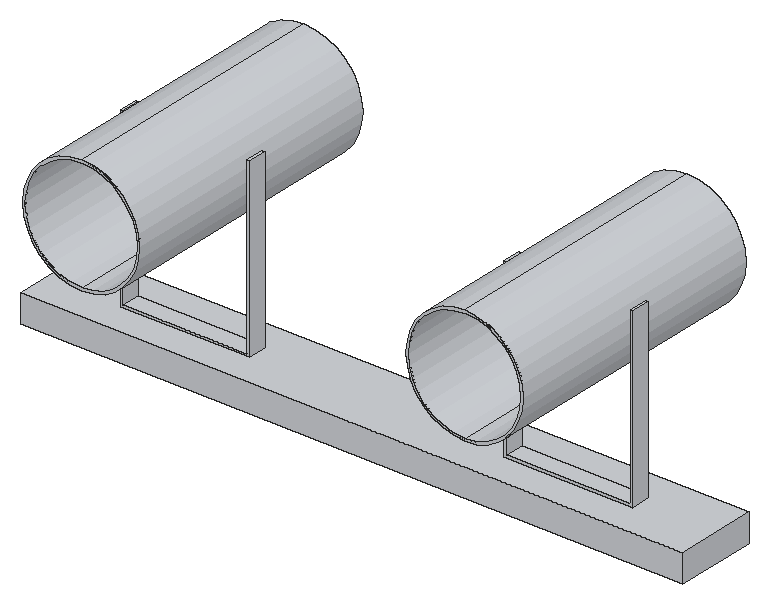
Revit family "EURS_63_LF_FB_ST321Y", category Lighting Fixtures, host Face, Revit 2018
Family settings
  Host = Face
  Round Connector Dimension = Use Diameter
  Part Type = Normal
  Cut with Voids When Loaded = No
  Light Source = No
  Shared = No
  Room Calculation Point = No
Parameters (values of type "Type catalog")
  Width = 565 mm
  Voltage (V) = 230 V
  Visibility 2D symbol [instance] = no
  Visibility 2D outline round [instance] = not(Visibility 2D outline rectangle)  # no
  Visibility 2D outline rectangle [instance] = yes
  Suspension height = 100 mm
  Rotation XZ 2 [instance] = 0.00°
  Rotation XZ [instance] = 0.00°
  Rotation XY 2 [instance] = 90.00°
  Rotation XY [instance] = 90.00°
  Product catalog - URL = "MODEL WEBPAGE"
  Order code = "ORDER CODE"
  Light source = 2 mm
  Length = 70 mm
  Last IES update = "DATE"
  Lamp type = ST321Y IES Data : 1 xLED17S_827 HMB
  Height = 100 mm
  Hanger distance = 327 mm
  Fixture code = "FIXTURE CODE"
  ETIM code URL = "ETIM CODE WEBPAGE"
  ETIM code = "MODEL ETIM CODE"
  Wattage Comments = ""
  URL = "http://www.lighting.philips.com/main/home"
  Type Comments = "Pendant"
  Model = "MODEL NUMBER"
  Manufacturer = "Philips"
  Light loss factor = ""
  Lamp = "LAMP NAME"
  Initial luminous flux (lm) = ""
  Init. Corr. Color Temperature (K) = ""
  EOC = "EOC CODE"
  Description = "MODEL NAME"
  Default Elevation = 0 mm
  Content version = "1.0"
  Content modified date = "DATE"
  Content creation date = "DATE"
  Content Creator = "https://www.cadac.com/bimcontent"
  Constraint XZ 2 [instance] = if(Rotation XZ 2 < 0.00°, 0.00°, if(Rotation XZ 2 > 120.00°, 120.00°, Rotation XZ 2))  # 0.00°
  Constraint XZ [instance] = if(Rotation XZ < 0.00°, 0.00°, if(Rotation XZ > 120.00°, 120.00°, Rotation XZ))  # 0.00°
  Constraint XY 2 [instance] = if(Rotation XY 2 < 0.00°, 0.00°, if(Rotation XY 2 > 350.00°, 350.00°, Rotation XY 2))  # 90.00°
  Constraint XY [instance] = if(Rotation XY < 0.00°, 0.00°, if(Rotation XY > 350.00°, 350.00°, Rotation XY))  # 90.00°
  Ceiling thickness = 12.5 mm
  BIM Library - URL = "http://www.lighting.philips.com/main/support/support/revit-library#page=1"
  Assembly Code = ""
  Armatuurcode [instance] = ""
  Apparent Load = 0 VA
  12NC = "12NC CODE"
Reference planes
  plane 1 "Center (Front/Back)": y = 0
  plane 2: z = 0
  plane 3 "Center (Left/Right)": x = 0
  plane 4 "Cadac Group AEC": y = 0
  plane 5: z = 24
  plane 6 "left": x = -282.5
  plane 7 "right": x = 282.5
  plane 8 "back": y = 35
  plane 9 "front": y = -35
  plane 10: z = -12.5
  plane 11: z = -12.5
  plane 12: z = 202
  plane 13: z = 100
  plane 14: z = 200
  plane 15 "2": x = 163.5
  plane 16 "3": x = -163.5
Forms (mm)
  Sweep 1, solid
    path origin (0, 0, 0) x (1, 0, 0) y (0, 1, 0)
      loop
        line (-282.5, 0) -> (282.5, 0)
    profile origin (0, 0, 0) x (0, 1, 0) y (0, 0, 1)
      loop
        line (35, 24) -> (-35, 24) -> (-35, 0) -> (35, 0) -> (35, 24)
Dimensions and locks
  equal spacing: plane 8 "back", plane 1 "Center (Front/Back)", plane 9 "front"
  equal spacing: plane 6 "left", plane 3 "Center (Left/Right)", plane 7 "right"
  "Width": plane 6 "left" to plane 7 "right"
  "Length": plane 9 "front" to plane 8 "back"
  "Ceiling thickness": plane 11 to host face
  "Light source": plane 14 to plane 12
  "Height": plane 13 to plane 14
  "Suspension height": host face to plane 13
  plane 5 to plane 2 = 24 mm
  equal spacing: plane 16 "3", plane 3 "Center (Left/Right)", plane 15 "2"
  "Hanger distance": plane 16 "3" to plane 15 "2"
  aligned and locked: plane 2 to host face
  aligned and locked: level to host face
  aligned and locked: plane 4 "Cadac Group AEC" to plane 1 "Center (Front/Back)"
  aligned and locked: host face to plane 10
  aligned and locked: plane 1 "Center (Front/Back)" to Sweep 1 sketch curve
  aligned and locked: plane 7 "right" to Sweep 1 sketch curve
  aligned and locked: plane 6 "left" to Sweep 1 sketch curve
  aligned and locked: Sweep 1 sketch curve to plane 8 "back"
  aligned and locked: Sweep 1 sketch curve to plane 9 "front"
  aligned and locked: plane 2 to Sweep 1 sketch curve
  aligned and locked: Sweep 1 sketch curve to plane 5
  aligned and locked: nested 5 to plane 15 "2"
  aligned and locked: nested 9 to plane 15 "2"
  aligned and locked: plane 1 "Center (Front/Back)" to nested 9
  aligned and locked: plane 16 "3" to nested 11
  aligned and locked: plane 1 "Center (Front/Back)" to nested 11
Automatic sketch dimensions
  host sketch curve to host sketch curve = 700 mm  (x2)
  Sweep 1 sketch curve to level = 0 mm
Nested families
  nested 1: "2D-PL-Rechthoekig" at (0, 0, 0), Width <- "Length", lengte <- "Width", visible <- "Visibility 2D outline rectangle", type "2D symbool"
    with lengte 565 mm, Width 70 mm
  nested 2: "combined" at (-163.5, 0, 154), rotatie 1 <- "Constraint XY 2", rotatie 2 <- "Constraint XZ 2", type "combined"
    with rotatie 2 0.00°, rotatie 1 90.00°
  nested 3: "Generic model rotatie front" at (-163.5, 0, 154) x (0, 1, 0) z (0, 0, 1), type "Generic model rotatie front"
    with rotatie 2 0.00°
  nested 4: "Generic model sweep" at (-163.5, 0, 154) x (0, 1, 0) z (1, 0, 0), type "Generic model sweep"
  nested 5: "combined" at (163.5, 0, 154), rotatie 1 <- "Constraint XY", rotatie 2 <- "Constraint XZ", type "combined"
    with rotatie 2 0.00°, rotatie 1 90.00°
  nested 6: "Generic model rotatie front" at (163.5, 0, 154) x (0, 1, 0) z (0, 0, 1), type "Generic model rotatie front"
    with rotatie 2 0.00°
  nested 7: "Generic model sweep" at (163.5, 0, 154) x (0, 1, 0) z (1, 0, 0), type "Generic model sweep"
  nested 8: "ST321Y IES Data" at (163.5, 118.5, 154.011) x (1, 0, 0) z (0, -1, 0), type <- "Lamp type", type "1 xLED17S_827 HMB"
  nested 9: "2D-PL-Rond + symbool + peil" at (163.5, 0, 0), Rotation XY <- "Constraint XY", type "2D symbool"
    with radius 50 mm, Rotation XY 90.00°, Diameters 100 mm
  nested 10: "2D-PL-peil" at (163.5, 0, 0) x (0, -1, 0) z (0, 0, 1), type "2D symbool"
  nested 11: "2D-PL-Rond + symbool + peil" at (-163.5, 0, 0), Rotation XY <- "Constraint XY 2", type "2D symbool"
    with radius 50 mm, Rotation XY 90.00°, Diameters 100 mm
  nested 12: "2D-PL-peil" at (-163.5, 0, 0) x (0, -1, 0) z (0, 0, 1), type "2D symbool"
  nested 13: "ST321Y IES Data" at (-163.514, 118.5, 153.979) x (1, 0, 0) z (0, -1, 0), type <- "Lamp type", type "1 xLED17S_827 HMB"
Connectors
  electrical at (0, 0, 0), driven by "Apparent Load", driven by "Voltage (V)"
    settings: index 1, voltage 230 V, apparent load 0 VA, apparent load phase1 0 VA, apparent load phase2 0 VA, apparent load phase3 0 VA, power factor 1, load classification "Lighting", number of poles 1, system type 31, power factor state 1, is connector primary yes, connector utility no, sub classification motor no, connector description ""
Definition of nested family "combined"
  Parameters (values of type "combined")
    rotatie 2 [instance] = 0.00°
    rotatie 1 [instance] = 0.00°
  Reference planes
    plane 1 "Center (Front/Back)": y = 0
    plane 2: z = 0
    plane 3 "Center (Left/Right)": x = 0
  Lines and regions (mm)
    reference lines
      curve 1: line (-1000, 0, 0) -> (1000, 0, 0)
      curve 2: line (0, 500, 0) -> (0, -500, 0)
  Dimensions and locks
    equal spacing: curve 1, plane 3 "Center (Left/Right)", curve 1
    equal spacing: curve 1, plane 1 "Center (Front/Back)", curve 1
    equal spacing: curve 1, curve 2, curve 1
    "rotatie 1": angle plane 1 "Center (Front/Back)" to curve 1
    aligned and locked: level to plane 2
    aligned and locked: curve 1 to nested 1
    aligned and locked: curve 2 to nested 1
  Automatic sketch dimensions
    curve 1 to curve 2 = 500 mm
    curve 2 to curve 1 = 500 mm
  Nested families
    nested 1: "Generic model u-profile" at (0, 0, 0) x (0, -1, 0) z (0, 0, 1), type "Generic model u-profil"
    nested 2: "Generic model rotatie front" at (0, 0, 0), rotatie 2 <- "rotatie 2", type "Generic model rotatie front"
      with rotatie 2 0.00°
    nested 3: "Generic model sweep" at (0, 0, 0) x (1, 0, 0) z (0, -1, 0), type "Generic model sweep"
  Definition of nested family "Generic model u-profile"
    Parameters (values of type "Generic model u-profil")
      Default Elevation = 1219.2 mm
    Reference planes
      plane 1 "Center (Front/Back)": y = 0
      plane 2: z = 0
      plane 3 "Center (Left/Right)": x = 0
      plane 4: z = 20
      plane 5: z = -130
      plane 6: x = 55
      plane 7: x = -55
    Forms (mm)
      Sweep 1, solid
        path origin (0, 0, 0) x (1, 0, 0) y (0, 0, 1)
          loop
            line (-55, 20) -> (-55, -130) -> (55, -130) -> (55, 20)
        profile origin (-55, 0, -55) x (0, -1, 0) y (1, 0, 0)
          loop
            line (-7.979, 0) -> (7.979, 0) -> (7.979, 2) -> (-7.979, 2) -> (-7.979, 0)
    Dimensions and locks
      Sweep 1 sketch curve to profile plane to Sweep 1 sketch curve = 7.979 mm, 7.979 mm
      plane 4 to plane 2 = 20 mm
      plane 2 to plane 5 = 130 mm
      equal spacing: plane 6, plane 3 "Center (Left/Right)", plane 7
      plane 6 to plane 3 "Center (Left/Right)" = 55 mm
      plane 2 to Sweep 1 = 130 mm
      aligned and locked: level to plane 2
      aligned and locked: Sweep 1 sketch curve to plane 5
      aligned and locked: plane 4 to Sweep 1 sketch curve  (x2)
      aligned and locked: Sweep 1 sketch curve to plane 7
      aligned and locked: plane 6 to Sweep 1 sketch curve
  Definition of nested family "Generic model sweep"
    Parameters (values of type "Generic model sweep")
      Default Elevation = 1219.2 mm
    Reference planes
      plane 1 "Center (Front/Back)": y = 0
      plane 2: z = 0
      plane 3 "Center (Left/Right)": x = 0
    Forms (mm)
      Sweep 1, solid
        path origin (0, 0, 0) x (1, 0, 0) y (0, 1, 0)
          loop
            line (-118.5, 0) -> (118.5, 0)
        profile "Profiel 1 : Profiel 1" origin (0, 0, 0) x (0, 1, 0) y (0, 0, 1)
          loop
            circle (0, 0) r 48
          loop
            circle (0, 0) r 50
    Dimensions and locks
      Sweep 1 sketch curve to Sweep 1 sketch curve = 237 mm
      equal spacing: Sweep 1 sketch curve, plane 3 "Center (Left/Right)", Sweep 1 sketch curve
      aligned and locked: level to plane 2
Definition of nested family "Generic model sweep"
  Parameters (values of type "Generic model sweep")
    Default Elevation = 1219.2 mm
  Reference planes
    plane 1 "Center (Front/Back)": y = 0
    plane 2: z = 0
    plane 3 "Center (Left/Right)": x = 0
  Forms (mm)
    Sweep 1, solid
      path origin (0, 0, 0) x (1, 0, 0) y (0, 1, 0)
        loop
          line (-118.5, 0) -> (118.5, 0)
      profile "Profiel 1 : Profiel 1" origin (0, 0, 0) x (0, 1, 0) y (0, 0, 1)
        loop
          circle (0, 0) r 48
        loop
          circle (0, 0) r 50
  Dimensions and locks
    Sweep 1 sketch curve to Sweep 1 sketch curve = 237 mm
    equal spacing: Sweep 1 sketch curve, plane 3 "Center (Left/Right)", Sweep 1 sketch curve
    aligned and locked: level to plane 2
Definition of nested family "2D-PL-Rechthoekig"
  Parameters (values of type "2D symbool")
    lengte [instance] = 1200 mm
    Width [instance] = 100 mm
    Type Comments = "GEEN CALCULATIEOBJECT"
    Manufacturer = ""
    Description = "Armatuur 2D symbool"
    Copyright © Cadac = "www.cadac.com/aec"
    Cadac content versie = ""
    Assembly Code = ""
  Reference planes
    plane 1 "Center (Front/Back)": y = 0
    plane 2: z = 0
    plane 3 "Center (Left/Right)": x = 0
    plane 4: y = 150
    plane 5: y = -150
    plane 6: y = 176.777
    plane 7: x = -176.777
    plane 8: x = 176.777
    plane 9: y = -176.777
    plane 10 "Cadac Group AEC": y = 0
    plane 11: y = 400
    plane 12: y = -191.421
    plane 13: y = -206.066
    plane 14: y = -220.711
    plane 15: y = -235.355
  Lines and regions (mm)
    symbolic lines
      curve 1: line (600, 50, 0) -> (600, -50, 0)
      curve 2: line (-600, 50, 0) -> (-600, -50, 0)
      curve 3: line (-600, 50, 0) -> (600, 50, 0)
      curve 4: line (-600, -50, 0) -> (600, -50, 0)
  Dimensions and locks
    equal spacing: curve 2, plane 3 "Center (Left/Right)", curve 1
    "lengte": curve 2 to curve 1
    equal spacing: plane 5, plane 1 "Center (Front/Back)", plane 4
    locked: plane 4 to plane 5 at 300
    equal spacing: curve 4, plane 1 "Center (Front/Back)", curve 3
    "Width": curve 4 to curve 3
    locked: plane 7 to plane 8 at 353.553
    locked: plane 6 to plane 9 at 353.553
    equal spacing: plane 7, plane 3 "Center (Left/Right)", plane 8
    equal spacing: plane 6, plane 1 "Center (Front/Back)", plane 9
    locked: plane 1 "Center (Front/Back)" to plane 11 at 400
    equal spacing: plane 9, plane 12, plane 13, plane 14, plane 15
    locked: plane 9 to plane 15 at 58.579
    aligned and locked: plane 10 "Cadac Group AEC" to plane 1 "Center (Front/Back)"
Definition of nested family "Generic model rotatie front"
  Parameters (values of type "Generic model rotatie front")
    rotatie 2 [instance] = 45.00°
    Default Elevation = 1219.2 mm
  Reference planes
    plane 1 "Center (Front/Back)": y = 0
    plane 2: z = 0
    plane 3 "Center (Left/Right)": x = 0
  Lines and regions (mm)
    reference lines
      curve 1: line (-707.107, 0, -707.107) -> (707.107, 0, 707.107)
      curve 2: line (-353.553, 0, 353.553) -> (353.553, 0, -353.553)
  Dimensions and locks
    equal spacing: curve 1, plane 3 "Center (Left/Right)", curve 1
    equal spacing: curve 1, plane 2, curve 1
    equal spacing: curve 2, plane 3 "Center (Left/Right)", curve 2
    equal spacing: curve 2, plane 2, curve 2
    "rotatie 2": angle plane 2 to curve 1
    "rotatie 2": angle plane 3 "Center (Left/Right)" to curve 2
    aligned and locked: level to plane 2
  Nested families
    nested 1: "Generic model sweep" at (0, 0, 0) x (0.7071, 0, 0.7071) z (0, -1, 0), type "Generic model sweep"
  Definition of nested family "Generic model sweep"
    Parameters (values of type "Generic model sweep")
      Default Elevation = 1219.2 mm
    Reference planes
      plane 1 "Center (Front/Back)": y = 0
      plane 2: z = 0
      plane 3 "Center (Left/Right)": x = 0
    Forms (mm)
      Sweep 1, solid
        path origin (0, 0, 0) x (1, 0, 0) y (0, 1, 0)
          loop
            line (-118.5, 0) -> (118.5, 0)
        profile "Profiel 1 : Profiel 1" origin (0, 0, 0) x (0, 1, 0) y (0, 0, 1)
          loop
            circle (0, 0) r 48
          loop
            circle (0, 0) r 50
    Dimensions and locks
      Sweep 1 sketch curve to Sweep 1 sketch curve = 237 mm
      equal spacing: Sweep 1 sketch curve, plane 3 "Center (Left/Right)", Sweep 1 sketch curve
      aligned and locked: level to plane 2
Definition of nested family "ST321Y IES Data"
  Parameters (values of type "1 xLED49S_840 OVL-V")
    Wattage = 39 W
    built-in parameter 1150110 = 1 (stored number, unit not read)
    built-in parameter 1114217 = 1 (stored number, unit not read)
    Tilt Angle = 90.00°
    built-in parameter 1150109 = 1 (stored number, unit not read)
    built-in parameter 1150134 = 12
    built-in parameter 1150113 = 1 (stored number, unit not read)
    Photometric Web File = "ST321Y 1 xLED49S_840 OVL-V.ies"
    Model = "ST321Y"
    Manufacturer = "Philips"
    built-in parameter 1150105 = 358.1 (stored number, unit not read)
    Lumens = 4500 lm
    built-in parameter 1150115 = 1 (stored number, unit not read)
    built-in parameter 1150137 = (empty or 0)
    built-in parameter 1150139 = (empty or 0)
    built-in parameter 1150112 = 1 (stored number, unit not read)
    built-in parameter 1150114 = 1 (stored number, unit not read)
    Lamp = "LED49S/840/-"
    built-in parameter 1150132 = (empty or 0)
    built-in parameter 1150102 = (empty or 0)
    built-in parameter 1150107 = 4000 (stored number, unit not read)
    built-in parameter 1150138 = (empty or 0)
    built-in parameter 1150106 = 3.581 (stored number, unit not read)
    Emit from Circle Diameter = 67 mm
    Emit Shape Visible in Rendering = yes
    built-in parameter 1150104 = 10.72 (stored number, unit not read)
    Dimming Lamp Color Temperature Shift = (empty or 0)
    Description = ""
    Default Elevation = 0 mm
    Content Creator = "https://www.cadac.com/bimcontent"
    Color Filter = 16777215
    built-in parameter 1114218 = 1 (stored number, unit not read)
    built-in parameter 1150133 = 10 (stored number, unit not read)
    Apparent Load = 39 VA
  Types (216, lengths in mm): name | Wattage | built-in parameter 1150134 | Photometric Web File | built-in parameter 1150105 | Lumens | Lamp | built-in parameter 1150107 | built-in parameter 1150106 | built-in parameter 1150104 | Apparent Load
    1 xLED49S_840 OVL-V | 39 W | 12 | "ST321Y 1 xLED49S_840 OVL-V.ies" | 358.1 (stored number, unit not read) | 4500 lm | "LED49S/840/-" | 4000 (stored number, unit not read) | 3.581 (stored number, unit not read) | 10.72 (stored number, unit not read) | 39 VA
    1 xLED49S_840 OVL-H | 39 W | 12 | "ST321Y 1 xLED49S_840 OVL-H.ies" | 358.1 (stored number, unit not read) | 4500 lm | "LED49S/840/-" | 4000 (stored number, unit not read) | 3.581 (stored number, unit not read) | 10.72 (stored number, unit not read) | 39 VA
    1 xLED49S_840 MB | 39 W | 12 | "ST321Y 1 xLED49S_840 MB.ies" | 389.93 (stored number, unit not read) | 4900 lm | "LED49S/840/-" | 4000 (stored number, unit not read) | 3.8993 (stored number, unit not read) | 11.672 (stored number, unit not read) | 39 VA
    1 xLED49S_840 HWB | 39 W | 12 | "ST321Y 1 xLED49S_840 HWB.ies" | 397.89 (stored number, unit not read) | 5000 lm | "LED49S/840/-" | 4000 (stored number, unit not read) | 3.9789 (stored number, unit not read) | 11.911 (stored number, unit not read) | 39 VA
    1 xLED49S_840 HVWB | 39 W | 12 | "ST321Y 1 xLED49S_840 HVWB.ies" | 397.89 (stored number, unit not read) | 5000 lm | "LED49S/840/-" | 4000 (stored number, unit not read) | 3.9789 (stored number, unit not read) | 11.911 (stored number, unit not read) | 39 VA
    1 xLED49S_840 HOVL-V | 39 W | 12 | "ST321Y 1 xLED49S_840 HOVL-V.ies" | 374.01 (stored number, unit not read) | 4700 lm | "LED49S/840/-" | 4000 (stored number, unit not read) | 3.7401 (stored number, unit not read) | 11.196 (stored number, unit not read) | 39 VA
    1 xLED49S_840 HOVL-H | 39 W | 12 | "ST321Y 1 xLED49S_840 HOVL-H.ies" | 374.01 (stored number, unit not read) | 4700 lm | "LED49S/840/-" | 4000 (stored number, unit not read) | 3.7401 (stored number, unit not read) | 11.196 (stored number, unit not read) | 39 VA
    1 xLED49S_840 HMB | 39 W | 12 | "ST321Y 1 xLED49S_840 HMB.ies" | 397.89 (stored number, unit not read) | 5000 lm | "LED49S/840/-" | 4000 (stored number, unit not read) | 3.9789 (stored number, unit not read) | 11.911 (stored number, unit not read) | 39 VA
    1 xLED49S_830 OVL-V | 39 W | (empty or 0) | "ST321Y 1 xLED49S_830 OVL-V.ies" | 342.18 (stored number, unit not read) | 4300 lm | "LED49S/830/-" | 3000 (stored number, unit not read) | 3.4218 (stored number, unit not read) | 10.243 (stored number, unit not read) | 39 VA
    1 xLED49S_830 OVL-H | 39 W | (empty or 0) | "ST321Y 1 xLED49S_830 OVL-H.ies" | 342.18 (stored number, unit not read) | 4300 lm | "LED49S/830/-" | 3000 (stored number, unit not read) | 3.4218 (stored number, unit not read) | 10.243 (stored number, unit not read) | 39 VA
    1 xLED49S_830 MB | 39 W | (empty or 0) | "ST321Y 1 xLED49S_830 MB.ies" | 366.06 (stored number, unit not read) | 4600 lm | "LED49S/830/-" | 3000 (stored number, unit not read) | 3.6606 (stored number, unit not read) | 10.958 (stored number, unit not read) | 39 VA
    1 xLED49S_830 HWB | 39 W | (empty or 0) | "ST321Y 1 xLED49S_830 HWB.ies" | 381.97 (stored number, unit not read) | 4800 lm | "LED49S/830/-" | 3000 (stored number, unit not read) | 3.8197 (stored number, unit not read) | 11.434 (stored number, unit not read) | 39 VA
    1 xLED49S_830 HVWB | 39 W | (empty or 0) | "ST321Y 1 xLED49S_830 HVWB.ies" | 381.97 (stored number, unit not read) | 4800 lm | "LED49S/830/-" | 3000 (stored number, unit not read) | 3.8197 (stored number, unit not read) | 11.434 (stored number, unit not read) | 39 VA
    1 xLED49S_830 HOVL-V | 39 W | (empty or 0) | "ST321Y 1 xLED49S_830 HOVL-V.ies" | 350.14 (stored number, unit not read) | 4400 lm | "LED49S/830/-" | 3000 (stored number, unit not read) | 3.5014 (stored number, unit not read) | 10.481 (stored number, unit not read) | 39 VA
    1 xLED49S_830 HOVL-H | 39 W | (empty or 0) | "ST321Y 1 xLED49S_830 HOVL-H.ies" | 350.14 (stored number, unit not read) | 4400 lm | "LED49S/830/-" | 3000 (stored number, unit not read) | 3.5014 (stored number, unit not read) | 10.481 (stored number, unit not read) | 39 VA
    1 xLED49S_830 HMB | 39 W | (empty or 0) | "ST321Y 1 xLED49S_830 HMB.ies" | 381.97 (stored number, unit not read) | 4800 lm | "LED49S/830/-" | 3000 (stored number, unit not read) | 3.8197 (stored number, unit not read) | 11.434 (stored number, unit not read) | 39 VA
    1 xLED49S_827 OVL-V | 38.5 W | (empty or 0) | "ST321Y 1 xLED49S_827 OVL-V.ies" | 326.27 (stored number, unit not read) | 4100 lm | "LED49S/827/-" | 2700 (stored number, unit not read) | 3.2627 (stored number, unit not read) | 9.8936 (stored number, unit not read) | 38.5 VA
    1 xLED49S_827 OVL-H | 38.5 W | (empty or 0) | "ST321Y 1 xLED49S_827 OVL-H.ies" | 326.27 (stored number, unit not read) | 4100 lm | "LED49S/827/-" | 2700 (stored number, unit not read) | 3.2627 (stored number, unit not read) | 9.8936 (stored number, unit not read) | 38.5 VA
    1 xLED49S_827 MB | 38.5 W | (empty or 0) | "ST321Y 1 xLED49S_827 MB.ies" | 350.14 (stored number, unit not read) | 4400 lm | "LED49S/827/-" | 2700 (stored number, unit not read) | 3.5014 (stored number, unit not read) | 10.617 (stored number, unit not read) | 38.5 VA
    1 xLED49S_827 HWB | 38.5 W | (empty or 0) | "ST321Y 1 xLED49S_827 HWB.ies" | 366.06 (stored number, unit not read) | 4600 lm | "LED49S/827/-" | 2700 (stored number, unit not read) | 3.6606 (stored number, unit not read) | 11.1 (stored number, unit not read) | 38.5 VA
    1 xLED49S_827 HVWB | 38.5 W | (empty or 0) | "ST321Y 1 xLED49S_827 HVWB.ies" | 366.06 (stored number, unit not read) | 4600 lm | "LED49S/827/-" | 2700 (stored number, unit not read) | 3.6606 (stored number, unit not read) | 11.1 (stored number, unit not read) | 38.5 VA
    1 xLED49S_827 HOVL-V | 38.5 W | (empty or 0) | "ST321Y 1 xLED49S_827 HOVL-V.ies" | 334.23 (stored number, unit not read) | 4200 lm | "LED49S/827/-" | 2700 (stored number, unit not read) | 3.3423 (stored number, unit not read) | 10.135 (stored number, unit not read) | 38.5 VA
    1 xLED49S_827 HOVL-H | 38.5 W | (empty or 0) | "ST321Y 1 xLED49S_827 HOVL-H.ies" | 334.23 (stored number, unit not read) | 4200 lm | "LED49S/827/-" | 2700 (stored number, unit not read) | 3.3423 (stored number, unit not read) | 10.135 (stored number, unit not read) | 38.5 VA
    1 xLED49S_827 HMB | 38.5 W | (empty or 0) | "ST321Y 1 xLED49S_827 HMB.ies" | 366.06 (stored number, unit not read) | 4600 lm | "LED49S/827/-" | 2700 (stored number, unit not read) | 3.6606 (stored number, unit not read) | 11.1 (stored number, unit not read) | 38.5 VA
    1 xLED39S_PW930 VWB | 35 W | (empty or 0) | "ST321Y 1 xLED39S_PW930 VWB.ies" | 310.35 (stored number, unit not read) | 3900 lm | "LED39S/PW930/-" | 3000 (stored number, unit not read) | 3.1035 (stored number, unit not read) | 10.352 (stored number, unit not read) | 35 VA
    1 xLED39S_PW930 OVL-V | 35 W | (empty or 0) | "ST321Y 1 xLED39S_PW930 OVL-V.ies" | 294.44 (stored number, unit not read) | 3700 lm | "LED39S/PW930/-" | 3000 (stored number, unit not read) | 2.9444 (stored number, unit not read) | 9.8212 (stored number, unit not read) | 35 VA
    1 xLED39S_PW930 OVL-H | 35 W | (empty or 0) | "ST321Y 1 xLED39S_PW930 OVL-H.ies" | 294.44 (stored number, unit not read) | 3700 lm | "LED39S/PW930/-" | 3000 (stored number, unit not read) | 2.9444 (stored number, unit not read) | 9.8212 (stored number, unit not read) | 35 VA
    1 xLED39S_PW930 HWB | 32.5 W | (empty or 0) | "ST321Y 1 xLED39S_PW930 HWB.ies" | 318.31 (stored number, unit not read) | 4000 lm | "LED39S/PW930/-" | 3000 (stored number, unit not read) | 3.1831 (stored number, unit not read) | 11.434 (stored number, unit not read) | 32.5 VA
    1 xLED39S_PW930 HVWB | 32.5 W | (empty or 0) | "ST321Y 1 xLED39S_PW930 HVWB.ies" | 318.31 (stored number, unit not read) | 4000 lm | "LED39S/PW930/-" | 3000 (stored number, unit not read) | 3.1831 (stored number, unit not read) | 11.434 (stored number, unit not read) | 32.5 VA
    1 xLED39S_PW930 HOVL-V | 35 W | (empty or 0) | "ST321Y 1 xLED39S_PW930 HOVL-V.ies" | 294.44 (stored number, unit not read) | 3700 lm | "LED39S/PW930/-" | 3000 (stored number, unit not read) | 2.9444 (stored number, unit not read) | 9.8212 (stored number, unit not read) | 35 VA
    1 xLED39S_PW930 HOVL-H | 35 W | (empty or 0) | "ST321Y 1 xLED39S_PW930 HOVL-H.ies" | 294.44 (stored number, unit not read) | 3700 lm | "LED39S/PW930/-" | 3000 (stored number, unit not read) | 2.9444 (stored number, unit not read) | 9.8212 (stored number, unit not read) | 35 VA
    1 xLED39S_PW930 HMB | 32.5 W | (empty or 0) | "ST321Y 1 xLED39S_PW930 HMB.ies" | 318.31 (stored number, unit not read) | 4000 lm | "LED39S/PW930/-" | 3000 (stored number, unit not read) | 3.1831 (stored number, unit not read) | 11.434 (stored number, unit not read) | 32.5 VA
    1 xLED39S_PC930 OVL-V | 34.5 W | (empty or 0) | "ST321Y 1 xLED39S_PC930 OVL-V.ies" | 270.56 (stored number, unit not read) | 3400 lm | "LED39S/PC930/-" | 3000 (stored number, unit not read) | 2.7056 (stored number, unit not read) | 9.1557 (stored number, unit not read) | 34.5 VA
    1 xLED39S_PC930 OVL-H | 34.5 W | (empty or 0) | "ST321Y 1 xLED39S_PC930 OVL-H.ies" | 270.56 (stored number, unit not read) | 3400 lm | "LED39S/PC930/-" | 3000 (stored number, unit not read) | 2.7056 (stored number, unit not read) | 9.1557 (stored number, unit not read) | 34.5 VA
    1 xLED39S_PC930 MB | 34.5 W | (empty or 0) | "ST321Y 1 xLED39S_PC930 MB.ies" | 294.44 (stored number, unit not read) | 3700 lm | "LED39S/PC930/-" | 3000 (stored number, unit not read) | 2.9444 (stored number, unit not read) | 9.9635 (stored number, unit not read) | 34.5 VA
    1 xLED39S_PC930 HWB | 34.5 W | (empty or 0) | "ST321Y 1 xLED39S_PC930 HWB.ies" | 302.39 (stored number, unit not read) | 3800 lm | "LED39S/PC930/-" | 3000 (stored number, unit not read) | 3.0239 (stored number, unit not read) | 10.233 (stored number, unit not read) | 34.5 VA
    1 xLED39S_PC930 HVWB | 34.5 W | (empty or 0) | "ST321Y 1 xLED39S_PC930 HVWB.ies" | 302.39 (stored number, unit not read) | 3800 lm | "LED39S/PC930/-" | 3000 (stored number, unit not read) | 3.0239 (stored number, unit not read) | 10.233 (stored number, unit not read) | 34.5 VA
    1 xLED39S_PC930 HOVL-V | 34.5 W | (empty or 0) | "ST321Y 1 xLED39S_PC930 HOVL-V.ies" | 278.52 (stored number, unit not read) | 3500 lm | "LED39S/PC930/-" | 3000 (stored number, unit not read) | 2.7852 (stored number, unit not read) | 9.4249 (stored number, unit not read) | 34.5 VA
    1 xLED39S_PC930 HOVL-H | 34.5 W | (empty or 0) | "ST321Y 1 xLED39S_PC930 HOVL-H.ies" | 278.52 (stored number, unit not read) | 3500 lm | "LED39S/PC930/-" | 3000 (stored number, unit not read) | 2.7852 (stored number, unit not read) | 9.4249 (stored number, unit not read) | 34.5 VA
    1 xLED39S_PC930 HMB | 34.5 W | (empty or 0) | "ST321Y 1 xLED39S_PC930 HMB.ies" | 302.39 (stored number, unit not read) | 3800 lm | "LED39S/PC930/-" | 3000 (stored number, unit not read) | 3.0239 (stored number, unit not read) | 10.233 (stored number, unit not read) | 34.5 VA
    1 xLED39S_FR OVL-V | 38.5 W | (empty or 0) | "ST321Y 1 xLED39S_FR OVL-V.ies" | 302.39 (stored number, unit not read) | 3800 lm | "LED39S/FR/-" | 3000 (stored number, unit not read) | 3.0239 (stored number, unit not read) | 9.1697 (stored number, unit not read) | 38.5 VA
    1 xLED39S_FR OVL-H | 38.5 W | (empty or 0) | "ST321Y 1 xLED39S_FR OVL-H.ies" | 302.39 (stored number, unit not read) | 3800 lm | "LED39S/FR/-" | 3000 (stored number, unit not read) | 3.0239 (stored number, unit not read) | 9.1697 (stored number, unit not read) | 38.5 VA
    1 xLED39S_FR MB | 38.5 W | (empty or 0) | "ST321Y 1 xLED39S_FR MB.ies" | 326.27 (stored number, unit not read) | 4100 lm | "LED39S/FR/-" | 3000 (stored number, unit not read) | 3.2627 (stored number, unit not read) | 9.8936 (stored number, unit not read) | 38.5 VA
    1 xLED39S_FR HWB | 38.5 W | (empty or 0) | "ST321Y 1 xLED39S_FR HWB.ies" | 342.18 (stored number, unit not read) | 4300 lm | "LED39S/FR/-" | 3000 (stored number, unit not read) | 3.4218 (stored number, unit not read) | 10.376 (stored number, unit not read) | 38.5 VA
    1 xLED39S_FR HVWB | 38.5 W | (empty or 0) | "ST321Y 1 xLED39S_FR HVWB.ies" | 342.18 (stored number, unit not read) | 4300 lm | "LED39S/FR/-" | 3000 (stored number, unit not read) | 3.4218 (stored number, unit not read) | 10.376 (stored number, unit not read) | 38.5 VA
    1 xLED39S_FR HOVL-V | 38.5 W | (empty or 0) | "ST321Y 1 xLED39S_FR HOVL-V.ies" | 310.35 (stored number, unit not read) | 3900 lm | "LED39S/FR/-" | 3000 (stored number, unit not read) | 3.1035 (stored number, unit not read) | 9.411 (stored number, unit not read) | 38.5 VA
    1 xLED39S_FR HOVL-H | 38.5 W | (empty or 0) | "ST321Y 1 xLED39S_FR HOVL-H.ies" | 310.35 (stored number, unit not read) | 3900 lm | "LED39S/FR/-" | 3000 (stored number, unit not read) | 3.1035 (stored number, unit not read) | 9.411 (stored number, unit not read) | 38.5 VA
    1 xLED39S_FR HMB | 38.5 W | (empty or 0) | "ST321Y 1 xLED39S_FR HMB.ies" | 342.18 (stored number, unit not read) | 4300 lm | "LED39S/FR/-" | 3000 (stored number, unit not read) | 3.4218 (stored number, unit not read) | 10.376 (stored number, unit not read) | 38.5 VA
    1 xLED39S_CH OVL-V | 30.5 W | (empty or 0) | "ST321Y 1 xLED39S_CH OVL-V.ies" | 286.48 (stored number, unit not read) | 3600 lm | "LED39S/CH/-" | 3000 (stored number, unit not read) | 2.8648 (stored number, unit not read) | 10.966 (stored number, unit not read) | 30.5 VA
    1 xLED39S_CH OVL-H | 30.5 W | (empty or 0) | "ST321Y 1 xLED39S_CH OVL-H.ies" | 286.48 (stored number, unit not read) | 3600 lm | "LED39S/CH/-" | 3000 (stored number, unit not read) | 2.8648 (stored number, unit not read) | 10.966 (stored number, unit not read) | 30.5 VA
    1 xLED39S_CH MB | 30.5 W | (empty or 0) | "ST321Y 1 xLED39S_CH MB.ies" | 310.35 (stored number, unit not read) | 3900 lm | "LED39S/CH/-" | 3000 (stored number, unit not read) | 3.1035 (stored number, unit not read) | 11.879 (stored number, unit not read) | 30.5 VA
    1 xLED39S_CH HWB | 28.5 W | (empty or 0) | "ST321Y 1 xLED39S_CH HWB.ies" | 302.39 (stored number, unit not read) | 3800 lm | "LED39S/CH/-" | 3000 (stored number, unit not read) | 3.0239 (stored number, unit not read) | 12.387 (stored number, unit not read) | 28.5 VA
    1 xLED39S_CH HVWB | 28.5 W | (empty or 0) | "ST321Y 1 xLED39S_CH HVWB.ies" | 302.39 (stored number, unit not read) | 3800 lm | "LED39S/CH/-" | 3000 (stored number, unit not read) | 3.0239 (stored number, unit not read) | 12.387 (stored number, unit not read) | 28.5 VA
    1 xLED39S_CH HOVL-V | 30.5 W | (empty or 0) | "ST321Y 1 xLED39S_CH HOVL-V.ies" | 286.48 (stored number, unit not read) | 3600 lm | "LED39S/CH/-" | 3000 (stored number, unit not read) | 2.8648 (stored number, unit not read) | 10.966 (stored number, unit not read) | 30.5 VA
    1 xLED39S_CH HOVL-H | 30.5 W | (empty or 0) | "ST321Y 1 xLED39S_CH HOVL-H.ies" | 286.48 (stored number, unit not read) | 3600 lm | "LED39S/CH/-" | 3000 (stored number, unit not read) | 2.8648 (stored number, unit not read) | 10.966 (stored number, unit not read) | 30.5 VA
    1 xLED39S_CH HMB | 28.5 W | (empty or 0) | "ST321Y 1 xLED39S_CH HMB.ies" | 302.39 (stored number, unit not read) | 3800 lm | "LED39S/CH/-" | 3000 (stored number, unit not read) | 3.0239 (stored number, unit not read) | 12.387 (stored number, unit not read) | 28.5 VA
    1 xLED39S_840 OVL-V | 28.5 W | 12 | "ST321Y 1 xLED39S_840 OVL-V.ies" | 294.44 (stored number, unit not read) | 3700 lm | "LED39S/840/-" | 4000 (stored number, unit not read) | 2.9444 (stored number, unit not read) | 12.061 (stored number, unit not read) | 28.5 VA
    1 xLED39S_840 OVL-H | 28.5 W | 12 | "ST321Y 1 xLED39S_840 OVL-H.ies" | 294.44 (stored number, unit not read) | 3700 lm | "LED39S/840/-" | 4000 (stored number, unit not read) | 2.9444 (stored number, unit not read) | 12.061 (stored number, unit not read) | 28.5 VA
    1 xLED39S_840 MB | 28.5 W | 12 | "ST321Y 1 xLED39S_840 MB.ies" | 318.31 (stored number, unit not read) | 4000 lm | "LED39S/840/-" | 4000 (stored number, unit not read) | 3.1831 (stored number, unit not read) | 13.039 (stored number, unit not read) | 28.5 VA
    1 xLED39S_840 HWB | 28.5 W | 12 | "ST321Y 1 xLED39S_840 HWB.ies" | 334.23 (stored number, unit not read) | 4200 lm | "LED39S/840/-" | 4000 (stored number, unit not read) | 3.3423 (stored number, unit not read) | 13.691 (stored number, unit not read) | 28.5 VA
    1 xLED39S_840 HVWB | 28.5 W | 12 | "ST321Y 1 xLED39S_840 HVWB.ies" | 334.23 (stored number, unit not read) | 4200 lm | "LED39S/840/-" | 4000 (stored number, unit not read) | 3.3423 (stored number, unit not read) | 13.691 (stored number, unit not read) | 28.5 VA
    1 xLED39S_840 HOVL-V | 28.5 W | 12 | "ST321Y 1 xLED39S_840 HOVL-V.ies" | 310.35 (stored number, unit not read) | 3900 lm | "LED39S/840/-" | 4000 (stored number, unit not read) | 3.1035 (stored number, unit not read) | 12.713 (stored number, unit not read) | 28.5 VA
    1 xLED39S_840 HOVL-H | 28.5 W | 12 | "ST321Y 1 xLED39S_840 HOVL-H.ies" | 310.35 (stored number, unit not read) | 3900 lm | "LED39S/840/-" | 4000 (stored number, unit not read) | 3.1035 (stored number, unit not read) | 12.713 (stored number, unit not read) | 28.5 VA
    1 xLED39S_840 HMB | 28.5 W | 12 | "ST321Y 1 xLED39S_840 HMB.ies" | 334.23 (stored number, unit not read) | 4200 lm | "LED39S/840/-" | 4000 (stored number, unit not read) | 3.3423 (stored number, unit not read) | 13.691 (stored number, unit not read) | 28.5 VA
    1 xLED39S_830 OVL-V | 30.5 W | (empty or 0) | "ST321Y 1 xLED39S_830 OVL-V.ies" | 294.44 (stored number, unit not read) | 3700 lm | "LED39S/830/-" | 3000 (stored number, unit not read) | 2.9444 (stored number, unit not read) | 11.27 (stored number, unit not read) | 30.5 VA
    1 xLED39S_830 OVL-H | 30.5 W | (empty or 0) | "ST321Y 1 xLED39S_830 OVL-H.ies" | 294.44 (stored number, unit not read) | 3700 lm | "LED39S/830/-" | 3000 (stored number, unit not read) | 2.9444 (stored number, unit not read) | 11.27 (stored number, unit not read) | 30.5 VA
    1 xLED39S_830 MB | 30.5 W | (empty or 0) | "ST321Y 1 xLED39S_830 MB.ies" | 318.31 (stored number, unit not read) | 4000 lm | "LED39S/830/-" | 3000 (stored number, unit not read) | 3.1831 (stored number, unit not read) | 12.184 (stored number, unit not read) | 30.5 VA
    1 xLED39S_830 HWB | 28.5 W | (empty or 0) | "ST321Y 1 xLED39S_830 HWB.ies" | 318.31 (stored number, unit not read) | 4000 lm | "LED39S/830/-" | 3000 (stored number, unit not read) | 3.1831 (stored number, unit not read) | 13.039 (stored number, unit not read) | 28.5 VA
    1 xLED39S_830 HVWB | 28.5 W | (empty or 0) | "ST321Y 1 xLED39S_830 HVWB.ies" | 318.31 (stored number, unit not read) | 4000 lm | "LED39S/830/-" | 3000 (stored number, unit not read) | 3.1831 (stored number, unit not read) | 13.039 (stored number, unit not read) | 28.5 VA
    1 xLED39S_830 HOVL-V | 30.5 W | (empty or 0) | "ST321Y 1 xLED39S_830 HOVL-V.ies" | 294.44 (stored number, unit not read) | 3700 lm | "LED39S/830/-" | 3000 (stored number, unit not read) | 2.9444 (stored number, unit not read) | 11.27 (stored number, unit not read) | 30.5 VA
    1 xLED39S_830 HOVL-H | 30.5 W | (empty or 0) | "ST321Y 1 xLED39S_830 HOVL-H.ies" | 294.44 (stored number, unit not read) | 3700 lm | "LED39S/830/-" | 3000 (stored number, unit not read) | 2.9444 (stored number, unit not read) | 11.27 (stored number, unit not read) | 30.5 VA
    1 xLED39S_830 HMB | 28.5 W | (empty or 0) | "ST321Y 1 xLED39S_830 HMB.ies" | 318.31 (stored number, unit not read) | 4000 lm | "LED39S/830/-" | 3000 (stored number, unit not read) | 3.1831 (stored number, unit not read) | 13.039 (stored number, unit not read) | 28.5 VA
    1 xLED39S_827 OVL-V | 30.5 W | (empty or 0) | "ST321Y 1 xLED39S_827 OVL-V.ies" | 286.48 (stored number, unit not read) | 3600 lm | "LED39S/827/-" | 2700 (stored number, unit not read) | 2.8648 (stored number, unit not read) | 10.966 (stored number, unit not read) | 30.5 VA
    1 xLED39S_827 OVL-H | 30.5 W | (empty or 0) | "ST321Y 1 xLED39S_827 OVL-H.ies" | 286.48 (stored number, unit not read) | 3600 lm | "LED39S/827/-" | 2700 (stored number, unit not read) | 2.8648 (stored number, unit not read) | 10.966 (stored number, unit not read) | 30.5 VA
    1 xLED39S_827 MB | 30.5 W | (empty or 0) | "ST321Y 1 xLED39S_827 MB.ies" | 310.35 (stored number, unit not read) | 3900 lm | "LED39S/827/-" | 2700 (stored number, unit not read) | 3.1035 (stored number, unit not read) | 11.879 (stored number, unit not read) | 30.5 VA
    1 xLED39S_827 HWB | 28.5 W | (empty or 0) | "ST321Y 1 xLED39S_827 HWB.ies" | 302.39 (stored number, unit not read) | 3800 lm | "LED39S/827/-" | 2700 (stored number, unit not read) | 3.0239 (stored number, unit not read) | 12.387 (stored number, unit not read) | 28.5 VA
    1 xLED39S_827 HVWB | 28.5 W | (empty or 0) | "ST321Y 1 xLED39S_827 HVWB.ies" | 302.39 (stored number, unit not read) | 3800 lm | "LED39S/827/-" | 2700 (stored number, unit not read) | 3.0239 (stored number, unit not read) | 12.387 (stored number, unit not read) | 28.5 VA
    1 xLED39S_827 HOVL-V | 30.5 W | (empty or 0) | "ST321Y 1 xLED39S_827 HOVL-V.ies" | 286.48 (stored number, unit not read) | 3600 lm | "LED39S/827/-" | 2700 (stored number, unit not read) | 2.8648 (stored number, unit not read) | 10.966 (stored number, unit not read) | 30.5 VA
    1 xLED39S_827 HOVL-H | 30.5 W | (empty or 0) | "ST321Y 1 xLED39S_827 HOVL-H.ies" | 286.48 (stored number, unit not read) | 3600 lm | "LED39S/827/-" | 2700 (stored number, unit not read) | 2.8648 (stored number, unit not read) | 10.966 (stored number, unit not read) | 30.5 VA
    1 xLED39S_827 HMB | 28.5 W | (empty or 0) | "ST321Y 1 xLED39S_827 HMB.ies" | 302.39 (stored number, unit not read) | 3800 lm | "LED39S/827/-" | 2700 (stored number, unit not read) | 3.0239 (stored number, unit not read) | 12.387 (stored number, unit not read) | 28.5 VA
    1 xLED27S_ROSE VWB | 29.5 W | (empty or 0) | "ST321Y 1 xLED27S_ROSE VWB.ies" | 214.86 (stored number, unit not read) | 2700 lm | "LED27S/ROSE" | 3000 (stored number, unit not read) | 2.1486 (stored number, unit not read) | 8.503 (stored number, unit not read) | 29.5 VA
    1 xLED27S_ROSE OVL-V | 29.5 W | (empty or 0) | "ST321Y 1 xLED27S_ROSE OVL-V.ies" | 198.94 (stored number, unit not read) | 2500 lm | "LED27S/ROSE" | 3000 (stored number, unit not read) | 1.9894 (stored number, unit not read) | 7.8731 (stored number, unit not read) | 29.5 VA
    1 xLED27S_ROSE OVL-H | 29.5 W | (empty or 0) | "ST321Y 1 xLED27S_ROSE OVL-H.ies" | 198.94 (stored number, unit not read) | 2500 lm | "LED27S/ROSE" | 3000 (stored number, unit not read) | 1.9894 (stored number, unit not read) | 7.8731 (stored number, unit not read) | 29.5 VA
    1 xLED27S_ROSE HWB | 29.5 W | (empty or 0) | "ST321Y 1 xLED27S_ROSE HWB.ies" | 222.82 (stored number, unit not read) | 2800 lm | "LED27S/ROSE" | 3000 (stored number, unit not read) | 2.2282 (stored number, unit not read) | 8.8179 (stored number, unit not read) | 29.5 VA
    1 xLED27S_ROSE HVWB | 29.5 W | (empty or 0) | "ST321Y 1 xLED27S_ROSE HVWB.ies" | 222.82 (stored number, unit not read) | 2800 lm | "LED27S/ROSE" | 3000 (stored number, unit not read) | 2.2282 (stored number, unit not read) | 8.8179 (stored number, unit not read) | 29.5 VA
    1 xLED27S_ROSE HOVL-V | 29.5 W | (empty or 0) | "ST321Y 1 xLED27S_ROSE HOVL-V.ies" | 206.9 (stored number, unit not read) | 2600 lm | "LED27S/ROSE" | 3000 (stored number, unit not read) | 2.069 (stored number, unit not read) | 8.1881 (stored number, unit not read) | 29.5 VA
    1 xLED27S_ROSE HOVL-H | 29.5 W | (empty or 0) | "ST321Y 1 xLED27S_ROSE HOVL-H.ies" | 206.9 (stored number, unit not read) | 2600 lm | "LED27S/ROSE" | 3000 (stored number, unit not read) | 2.069 (stored number, unit not read) | 8.1881 (stored number, unit not read) | 29.5 VA
    1 xLED27S_ROSE HMB | 29.5 W | (empty or 0) | "ST321Y 1 xLED27S_ROSE HMB.ies" | 222.82 (stored number, unit not read) | 2800 lm | "LED27S/ROSE" | 3000 (stored number, unit not read) | 2.2282 (stored number, unit not read) | 8.8179 (stored number, unit not read) | 29.5 VA
    1 xLED27S_PW930 WB | 26 W | (empty or 0) | "ST321Y 1 xLED27S_PW930 WB.ies" | 230.77 (stored number, unit not read) | 2900 lm | "LED27S/PW930/-" | 3000 (stored number, unit not read) | 2.3077 (stored number, unit not read) | 10.362 (stored number, unit not read) | 26 VA
    1 xLED27S_PW930 OVL-V | 26 W | (empty or 0) | "ST321Y 1 xLED27S_PW930 OVL-V.ies" | 214.86 (stored number, unit not read) | 2700 lm | "LED27S/PW930/-" | 3000 (stored number, unit not read) | 2.1486 (stored number, unit not read) | 9.6476 (stored number, unit not read) | 26 VA
    1 xLED27S_PW930 OVL-H | 26 W | (empty or 0) | "ST321Y 1 xLED27S_PW930 OVL-H.ies" | 214.86 (stored number, unit not read) | 2700 lm | "LED27S/PW930/-" | 3000 (stored number, unit not read) | 2.1486 (stored number, unit not read) | 9.6476 (stored number, unit not read) | 26 VA
    1 xLED27S_PW930 HWB | 24 W | (empty or 0) | "ST321Y 1 xLED27S_PW930 HWB.ies" | 222.82 (stored number, unit not read) | 2800 lm | "LED27S/PW930/-" | 3000 (stored number, unit not read) | 2.2282 (stored number, unit not read) | 10.839 (stored number, unit not read) | 24 VA
    1 xLED27S_PW930 HVWB | 24 W | (empty or 0) | "ST321Y 1 xLED27S_PW930 HVWB.ies" | 222.82 (stored number, unit not read) | 2800 lm | "LED27S/PW930/-" | 3000 (stored number, unit not read) | 2.2282 (stored number, unit not read) | 10.839 (stored number, unit not read) | 24 VA
    1 xLED27S_PW930 HOVL-V | 26 W | (empty or 0) | "ST321Y 1 xLED27S_PW930 HOVL-V.ies" | 206.9 (stored number, unit not read) | 2600 lm | "LED27S/PW930/-" | 3000 (stored number, unit not read) | 2.069 (stored number, unit not read) | 9.2903 (stored number, unit not read) | 26 VA
    1 xLED27S_PW930 HOVL-H | 26 W | (empty or 0) | "ST321Y 1 xLED27S_PW930 HOVL-H.ies" | 206.9 (stored number, unit not read) | 2600 lm | "LED27S/PW930/-" | 3000 (stored number, unit not read) | 2.069 (stored number, unit not read) | 9.2903 (stored number, unit not read) | 26 VA
    1 xLED27S_PW930 HMB | 24 W | (empty or 0) | "ST321Y 1 xLED27S_PW930 HMB.ies" | 222.82 (stored number, unit not read) | 2800 lm | "LED27S/PW930/-" | 3000 (stored number, unit not read) | 2.2282 (stored number, unit not read) | 10.839 (stored number, unit not read) | 24 VA
    1 xLED27S_PC930 VWB | 25 W | (empty or 0) | "ST321Y 1 xLED27S_PC930 VWB.ies" | 222.82 (stored number, unit not read) | 2800 lm | "LED27S/PC930/-" | 3000 (stored number, unit not read) | 2.2282 (stored number, unit not read) | 10.405 (stored number, unit not read) | 25 VA
    1 xLED27S_PC930 OVL-V | 25 W | (empty or 0) | "ST321Y 1 xLED27S_PC930 OVL-V.ies" | 206.9 (stored number, unit not read) | 2600 lm | "LED27S/PC930/-" | 3000 (stored number, unit not read) | 2.069 (stored number, unit not read) | 9.6619 (stored number, unit not read) | 25 VA
    1 xLED27S_PC930 OVL-H | 25 W | (empty or 0) | "ST321Y 1 xLED27S_PC930 OVL-H.ies" | 206.9 (stored number, unit not read) | 2600 lm | "LED27S/PC930/-" | 3000 (stored number, unit not read) | 2.069 (stored number, unit not read) | 9.6619 (stored number, unit not read) | 25 VA
    1 xLED27S_PC930 HWB | 25 W | (empty or 0) | "ST321Y 1 xLED27S_PC930 HWB.ies" | 230.77 (stored number, unit not read) | 2900 lm | "LED27S/PC930/-" | 3000 (stored number, unit not read) | 2.3077 (stored number, unit not read) | 10.777 (stored number, unit not read) | 25 VA
    1 xLED27S_PC930 HVWB | 25 W | (empty or 0) | "ST321Y 1 xLED27S_PC930 HVWB.ies" | 230.77 (stored number, unit not read) | 2900 lm | "LED27S/PC930/-" | 3000 (stored number, unit not read) | 2.3077 (stored number, unit not read) | 10.777 (stored number, unit not read) | 25 VA
    1 xLED27S_PC930 HOVL-V | 25 W | (empty or 0) | "ST321Y 1 xLED27S_PC930 HOVL-V.ies" | 214.86 (stored number, unit not read) | 2700 lm | "LED27S/PC930/-" | 3000 (stored number, unit not read) | 2.1486 (stored number, unit not read) | 10.034 (stored number, unit not read) | 25 VA
    1 xLED27S_PC930 HOVL-H | 25 W | (empty or 0) | "ST321Y 1 xLED27S_PC930 HOVL-H.ies" | 214.86 (stored number, unit not read) | 2700 lm | "LED27S/PC930/-" | 3000 (stored number, unit not read) | 2.1486 (stored number, unit not read) | 10.034 (stored number, unit not read) | 25 VA
    1 xLED27S_PC930 HMB | 25 W | (empty or 0) | "ST321Y 1 xLED27S_PC930 HMB.ies" | 230.77 (stored number, unit not read) | 2900 lm | "LED27S/PC930/-" | 3000 (stored number, unit not read) | 2.3077 (stored number, unit not read) | 10.777 (stored number, unit not read) | 25 VA
    1 xLED27S_FR WB | 33 W | (empty or 0) | "ST321Y 1 xLED27S_FR WB.ies" | 246.69 (stored number, unit not read) | 3100 lm | "LED27S/FR/-" | 3000 (stored number, unit not read) | 2.4669 (stored number, unit not read) | 8.7273 (stored number, unit not read) | 33 VA
    1 xLED27S_FR OVL-V | 33 W | (empty or 0) | "ST321Y 1 xLED27S_FR OVL-V.ies" | 230.77 (stored number, unit not read) | 2900 lm | "LED27S/FR/-" | 3000 (stored number, unit not read) | 2.3077 (stored number, unit not read) | 8.1642 (stored number, unit not read) | 33 VA
    1 xLED27S_FR OVL-H | 33 W | (empty or 0) | "ST321Y 1 xLED27S_FR OVL-H.ies" | 230.77 (stored number, unit not read) | 2900 lm | "LED27S/FR/-" | 3000 (stored number, unit not read) | 2.3077 (stored number, unit not read) | 8.1642 (stored number, unit not read) | 33 VA
    1 xLED27S_FR HWB | 33 W | (empty or 0) | "ST321Y 1 xLED27S_FR HWB.ies" | 254.65 (stored number, unit not read) | 3200 lm | "LED27S/FR/-" | 3000 (stored number, unit not read) | 2.5465 (stored number, unit not read) | 9.0088 (stored number, unit not read) | 33 VA
    1 xLED27S_FR HVWB | 33 W | (empty or 0) | "ST321Y 1 xLED27S_FR HVWB.ies" | 254.65 (stored number, unit not read) | 3200 lm | "LED27S/FR/-" | 3000 (stored number, unit not read) | 2.5465 (stored number, unit not read) | 9.0088 (stored number, unit not read) | 33 VA
    1 xLED27S_FR HOVL-V | 33 W | (empty or 0) | "ST321Y 1 xLED27S_FR HOVL-V.ies" | 230.77 (stored number, unit not read) | 2900 lm | "LED27S/FR/-" | 3000 (stored number, unit not read) | 2.3077 (stored number, unit not read) | 8.1642 (stored number, unit not read) | 33 VA
    1 xLED27S_FR HOVL-H | 33 W | (empty or 0) | "ST321Y 1 xLED27S_FR HOVL-H.ies" | 230.77 (stored number, unit not read) | 2900 lm | "LED27S/FR/-" | 3000 (stored number, unit not read) | 2.3077 (stored number, unit not read) | 8.1642 (stored number, unit not read) | 33 VA
    1 xLED27S_FR HMB | 33 W | (empty or 0) | "ST321Y 1 xLED27S_FR HMB.ies" | 254.65 (stored number, unit not read) | 3200 lm | "LED27S/FR/-" | 3000 (stored number, unit not read) | 2.5465 (stored number, unit not read) | 9.0088 (stored number, unit not read) | 33 VA
    1 xLED27S_FMT VWB | 36 W | (empty or 0) | "ST321Y 1 xLED27S_FMT VWB.ies" | 198.94 (stored number, unit not read) | 2500 lm | "LED27S/FMT/-" | 3000 (stored number, unit not read) | 1.9894 (stored number, unit not read) | 6.4516 (stored number, unit not read) | 36 VA
    1 xLED27S_FMT OVL-V | 36 W | (empty or 0) | "ST321Y 1 xLED27S_FMT OVL-V.ies" | 183.03 (stored number, unit not read) | 2300 lm | "LED27S/FMT/-" | 3000 (stored number, unit not read) | 1.8303 (stored number, unit not read) | 5.9355 (stored number, unit not read) | 36 VA
    1 xLED27S_FMT OVL-H | 36 W | (empty or 0) | "ST321Y 1 xLED27S_FMT OVL-H.ies" | 183.03 (stored number, unit not read) | 2300 lm | "LED27S/FMT/-" | 3000 (stored number, unit not read) | 1.8303 (stored number, unit not read) | 5.9355 (stored number, unit not read) | 36 VA
    1 xLED27S_FMT HWB | 36 W | (empty or 0) | "ST321Y 1 xLED27S_FMT HWB.ies" | 206.9 (stored number, unit not read) | 2600 lm | "LED27S/FMT/-" | 3000 (stored number, unit not read) | 2.069 (stored number, unit not read) | 6.7097 (stored number, unit not read) | 36 VA
    1 xLED27S_FMT HVWB | 36 W | (empty or 0) | "ST321Y 1 xLED27S_FMT HVWB.ies" | 206.9 (stored number, unit not read) | 2600 lm | "LED27S/FMT/-" | 3000 (stored number, unit not read) | 2.069 (stored number, unit not read) | 6.7097 (stored number, unit not read) | 36 VA
    1 xLED27S_FMT HOVL-V | 36 W | (empty or 0) | "ST321Y 1 xLED27S_FMT HOVL-V.ies" | 190.99 (stored number, unit not read) | 2400 lm | "LED27S/FMT/-" | 3000 (stored number, unit not read) | 1.9099 (stored number, unit not read) | 6.1935 (stored number, unit not read) | 36 VA
    1 xLED27S_FMT HOVL-H | 36 W | (empty or 0) | "ST321Y 1 xLED27S_FMT HOVL-H.ies" | 190.99 (stored number, unit not read) | 2400 lm | "LED27S/FMT/-" | 3000 (stored number, unit not read) | 1.9099 (stored number, unit not read) | 6.1935 (stored number, unit not read) | 36 VA
    1 xLED27S_FMT HMB | 36 W | (empty or 0) | "ST321Y 1 xLED27S_FMT HMB.ies" | 206.9 (stored number, unit not read) | 2600 lm | "LED27S/FMT/-" | 3000 (stored number, unit not read) | 2.069 (stored number, unit not read) | 6.7097 (stored number, unit not read) | 36 VA
    1 xLED27S_CH WB | 23.5 W | (empty or 0) | "ST321Y 1 xLED27S_CH WB.ies" | 214.86 (stored number, unit not read) | 2700 lm | "LED27S/CH/-" | 3000 (stored number, unit not read) | 2.1486 (stored number, unit not read) | 10.674 (stored number, unit not read) | 23.5 VA
    1 xLED27S_CH OVL-V | 23.5 W | (empty or 0) | "ST321Y 1 xLED27S_CH OVL-V.ies" | 198.94 (stored number, unit not read) | 2500 lm | "LED27S/CH/-" | 3000 (stored number, unit not read) | 1.9894 (stored number, unit not read) | 9.8833 (stored number, unit not read) | 23.5 VA
    1 xLED27S_CH OVL-H | 23.5 W | (empty or 0) | "ST321Y 1 xLED27S_CH OVL-H.ies" | 198.94 (stored number, unit not read) | 2500 lm | "LED27S/CH/-" | 3000 (stored number, unit not read) | 1.9894 (stored number, unit not read) | 9.8833 (stored number, unit not read) | 23.5 VA
    1 xLED27S_CH HWB | 19 W | (empty or 0) | "ST321Y 1 xLED27S_CH HWB.ies" | 206.9 (stored number, unit not read) | 2600 lm | "LED27S/CH/-" | 3000 (stored number, unit not read) | 2.069 (stored number, unit not read) | 12.713 (stored number, unit not read) | 19 VA
    1 xLED27S_CH HVWB | 19 W | (empty or 0) | "ST321Y 1 xLED27S_CH HVWB.ies" | 206.9 (stored number, unit not read) | 2600 lm | "LED27S/CH/-" | 3000 (stored number, unit not read) | 2.069 (stored number, unit not read) | 12.713 (stored number, unit not read) | 19 VA
    1 xLED27S_CH HOVL-V | 23.5 W | (empty or 0) | "ST321Y 1 xLED27S_CH HOVL-V.ies" | 190.99 (stored number, unit not read) | 2400 lm | "LED27S/CH/-" | 3000 (stored number, unit not read) | 1.9099 (stored number, unit not read) | 9.488 (stored number, unit not read) | 23.5 VA
    1 xLED27S_CH HOVL-H | 23.5 W | (empty or 0) | "ST321Y 1 xLED27S_CH HOVL-H.ies" | 190.99 (stored number, unit not read) | 2400 lm | "LED27S/CH/-" | 3000 (stored number, unit not read) | 1.9099 (stored number, unit not read) | 9.488 (stored number, unit not read) | 23.5 VA
    1 xLED27S_CH HMB | 19 W | (empty or 0) | "ST321Y 1 xLED27S_CH HMB.ies" | 206.9 (stored number, unit not read) | 2600 lm | "LED27S/CH/-" | 3000 (stored number, unit not read) | 2.069 (stored number, unit not read) | 12.713 (stored number, unit not read) | 19 VA
    1 xLED27S_840 WB | 23.5 W | 12 | "ST321Y 1 xLED27S_840 WB.ies" | 238.73 (stored number, unit not read) | 3000 lm | "LED27S/840/-" | 4000 (stored number, unit not read) | 2.3873 (stored number, unit not read) | 11.86 (stored number, unit not read) | 23.5 VA
    1 xLED27S_840 OVL-V | 23.5 W | 12 | "ST321Y 1 xLED27S_840 OVL-V.ies" | 222.82 (stored number, unit not read) | 2800 lm | "LED27S/840/-" | 4000 (stored number, unit not read) | 2.2282 (stored number, unit not read) | 11.069 (stored number, unit not read) | 23.5 VA
    1 xLED27S_840 OVL-H | 23.5 W | 12 | "ST321Y 1 xLED27S_840 OVL-H.ies" | 222.82 (stored number, unit not read) | 2800 lm | "LED27S/840/-" | 4000 (stored number, unit not read) | 2.2282 (stored number, unit not read) | 11.069 (stored number, unit not read) | 23.5 VA
    1 xLED27S_840 HWB | 19 W | 12 | "ST321Y 1 xLED27S_840 HWB.ies" | 222.82 (stored number, unit not read) | 2800 lm | "LED27S/840/-" | 4000 (stored number, unit not read) | 2.2282 (stored number, unit not read) | 13.691 (stored number, unit not read) | 19 VA
    1 xLED27S_840 HVWB | 19 W | 12 | "ST321Y 1 xLED27S_840 HVWB.ies" | 222.82 (stored number, unit not read) | 2800 lm | "LED27S/840/-" | 4000 (stored number, unit not read) | 2.2282 (stored number, unit not read) | 13.691 (stored number, unit not read) | 19 VA
    1 xLED27S_840 HOVL-V | 23.5 W | 12 | "ST321Y 1 xLED27S_840 HOVL-V.ies" | 206.9 (stored number, unit not read) | 2600 lm | "LED27S/840/-" | 4000 (stored number, unit not read) | 2.069 (stored number, unit not read) | 10.279 (stored number, unit not read) | 23.5 VA
    1 xLED27S_840 HOVL-H | 23.5 W | 12 | "ST321Y 1 xLED27S_840 HOVL-H.ies" | 206.9 (stored number, unit not read) | 2600 lm | "LED27S/840/-" | 4000 (stored number, unit not read) | 2.069 (stored number, unit not read) | 10.279 (stored number, unit not read) | 23.5 VA
    1 xLED27S_840 HMB | 19 W | 12 | "ST321Y 1 xLED27S_840 HMB.ies" | 222.82 (stored number, unit not read) | 2800 lm | "LED27S/840/-" | 4000 (stored number, unit not read) | 2.2282 (stored number, unit not read) | 13.691 (stored number, unit not read) | 19 VA
    1 xLED27S_830 WB | 23.5 W | (empty or 0) | "ST321Y 1 xLED27S_830 WB.ies" | 230.77 (stored number, unit not read) | 2900 lm | "LED27S/830/-" | 3000 (stored number, unit not read) | 2.3077 (stored number, unit not read) | 11.465 (stored number, unit not read) | 23.5 VA
    1 xLED27S_830 OVL-V | 23.5 W | (empty or 0) | "ST321Y 1 xLED27S_830 OVL-V.ies" | 206.9 (stored number, unit not read) | 2600 lm | "LED27S/830/-" | 3000 (stored number, unit not read) | 2.069 (stored number, unit not read) | 10.279 (stored number, unit not read) | 23.5 VA
    1 xLED27S_830 OVL-H | 23.5 W | (empty or 0) | "ST321Y 1 xLED27S_830 OVL-H.ies" | 206.9 (stored number, unit not read) | 2600 lm | "LED27S/830/-" | 3000 (stored number, unit not read) | 2.069 (stored number, unit not read) | 10.279 (stored number, unit not read) | 23.5 VA
    1 xLED27S_830 HWB | 19 W | (empty or 0) | "ST321Y 1 xLED27S_830 HWB.ies" | 214.86 (stored number, unit not read) | 2700 lm | "LED27S/830/-" | 3000 (stored number, unit not read) | 2.1486 (stored number, unit not read) | 13.202 (stored number, unit not read) | 19 VA
    1 xLED27S_830 HVWB | 19 W | (empty or 0) | "ST321Y 1 xLED27S_830 HVWB.ies" | 214.86 (stored number, unit not read) | 2700 lm | "LED27S/830/-" | 3000 (stored number, unit not read) | 2.1486 (stored number, unit not read) | 13.202 (stored number, unit not read) | 19 VA
    1 xLED27S_830 HOVL-V | 23.5 W | (empty or 0) | "ST321Y 1 xLED27S_830 HOVL-V.ies" | 198.94 (stored number, unit not read) | 2500 lm | "LED27S/830/-" | 3000 (stored number, unit not read) | 1.9894 (stored number, unit not read) | 9.8833 (stored number, unit not read) | 23.5 VA
    1 xLED27S_830 HOVL-H | 23.5 W | (empty or 0) | "ST321Y 1 xLED27S_830 HOVL-H.ies" | 198.94 (stored number, unit not read) | 2500 lm | "LED27S/830/-" | 3000 (stored number, unit not read) | 1.9894 (stored number, unit not read) | 9.8833 (stored number, unit not read) | 23.5 VA
    1 xLED27S_830 HMB | 19 W | (empty or 0) | "ST321Y 1 xLED27S_830 HMB.ies" | 214.86 (stored number, unit not read) | 2700 lm | "LED27S/830/-" | 3000 (stored number, unit not read) | 2.1486 (stored number, unit not read) | 13.202 (stored number, unit not read) | 19 VA
    1 xLED27S_827 WB | 23.5 W | (empty or 0) | "ST321Y 1 xLED27S_827 WB.ies" | 214.86 (stored number, unit not read) | 2700 lm | "LED27S/827/-" | 2700 (stored number, unit not read) | 2.1486 (stored number, unit not read) | 10.674 (stored number, unit not read) | 23.5 VA
    1 xLED27S_827 OVL-V | 23.5 W | (empty or 0) | "ST321Y 1 xLED27S_827 OVL-V.ies" | 198.94 (stored number, unit not read) | 2500 lm | "LED27S/827/-" | 2700 (stored number, unit not read) | 1.9894 (stored number, unit not read) | 9.8833 (stored number, unit not read) | 23.5 VA
    1 xLED27S_827 OVL-H | 23.5 W | (empty or 0) | "ST321Y 1 xLED27S_827 OVL-H.ies" | 198.94 (stored number, unit not read) | 2500 lm | "LED27S/827/-" | 2700 (stored number, unit not read) | 1.9894 (stored number, unit not read) | 9.8833 (stored number, unit not read) | 23.5 VA
    1 xLED27S_827 HWB | 19 W | (empty or 0) | "ST321Y 1 xLED27S_827 HWB.ies" | 206.9 (stored number, unit not read) | 2600 lm | "LED27S/827/-" | 2700 (stored number, unit not read) | 2.069 (stored number, unit not read) | 12.713 (stored number, unit not read) | 19 VA
    1 xLED27S_827 HVWB | 19 W | (empty or 0) | "ST321Y 1 xLED27S_827 HVWB.ies" | 206.9 (stored number, unit not read) | 2600 lm | "LED27S/827/-" | 2700 (stored number, unit not read) | 2.069 (stored number, unit not read) | 12.713 (stored number, unit not read) | 19 VA
    1 xLED27S_827 HOVL-V | 23.5 W | (empty or 0) | "ST321Y 1 xLED27S_827 HOVL-V.ies" | 190.99 (stored number, unit not read) | 2400 lm | "LED27S/827/-" | 2700 (stored number, unit not read) | 1.9099 (stored number, unit not read) | 9.488 (stored number, unit not read) | 23.5 VA
    1 xLED27S_827 HOVL-H | 23.5 W | (empty or 0) | "ST321Y 1 xLED27S_827 HOVL-H.ies" | 190.99 (stored number, unit not read) | 2400 lm | "LED27S/827/-" | 2700 (stored number, unit not read) | 1.9099 (stored number, unit not read) | 9.488 (stored number, unit not read) | 23.5 VA
    1 xLED27S_827 HMB | 19 W | (empty or 0) | "ST321Y 1 xLED27S_827 HMB.ies" | 206.9 (stored number, unit not read) | 2600 lm | "LED27S/827/-" | 2700 (stored number, unit not read) | 2.069 (stored number, unit not read) | 12.713 (stored number, unit not read) | 19 VA
    1 xLED20S_PW930 NB | 20.5 W | (empty or 0) | "ST321Y 1 xLED20S_PW930 NB.ies" | 159.15 (stored number, unit not read) | 2000 lm | "LED20S/PW930/-" | 3000 (stored number, unit not read) | 1.5915 (stored number, unit not read) | 9.0637 (stored number, unit not read) | 20.5 VA
